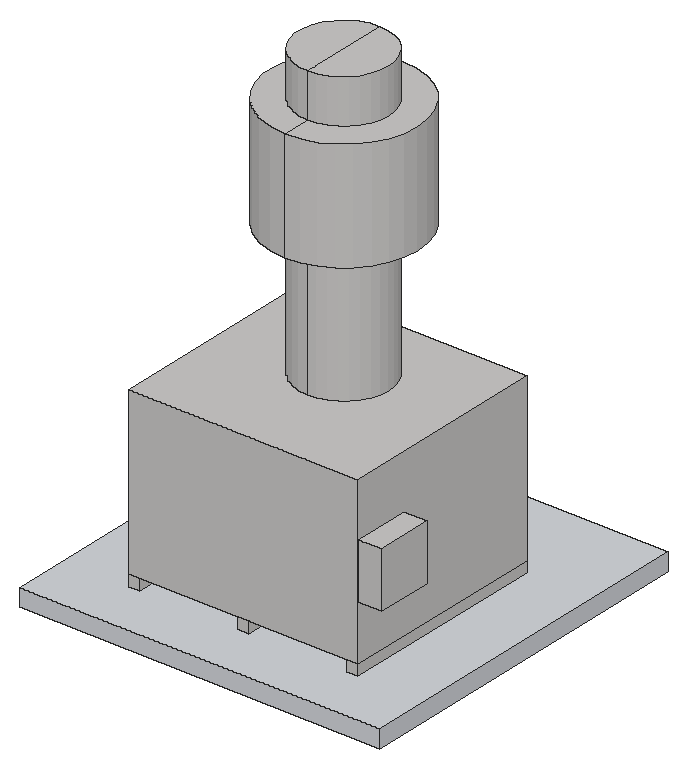
Revit family "DC_Rheem_PLM_Raypak_B2004HWT", category Plumbing Fixtures, host Face, Revit 2020
Family settings
  Host = Face
  Round Connector Dimension = Use Radius
  Part Type = Normal
  Cut with Voids When Loaded = No
  Shared = No
  Room Calculation Point = No
Parameters (values of type "Raypak - Gas Water Heater- Outdoor - 2004 MJ/h  Natural gas, modulating gas control")
  Width_ANZRS = 1430 mm
  URL = "http://www.rheem.com.au/CommercialProducts"
  Type Comments = "Recovery 7654L/h @ 50°C rise\r\n"
  TopSmallDia_ANZRS = 610 mm  # constant formula
  TopH2_ANZRS = 750 mm
  TopH1_ANZRS = 300 mm
  TopBigDia_ANZRS = 1000 mm
  PRVDiameter_ANZRS = PRVRadius_ANZRS * 2  # 20 mm
  Materials_ANZRS = Raypak - Grey Powder Coated Steel
  PRVRadius_ANZRS = 10 mm
  PRVDist_ANZRS = 400 mm
  Model = "B2004NCM/HWT\r\n"
  Manufacturer = "Raypak\r\n"
  Length_ANZRS = 1550 mm
  HotWaterPipeDist_ANZRS = 235 mm
  HotWaterPipeRadius_ANZRS = 40 mm
  HotWaterPipeDiameter_ANZRS = HotWaterPipeRadius_ANZRS * 2  # 80 mm
  Height_ANZRS = 3165 mm
  GasPipeRadius_ANZRS = 25 mm
  GasPipeHeight_ANZRS = 600 mm
  GasPipeDist_ANZRS = 210 mm
  GasPipeDiameter_ANZRS = GasPipeRadius_ANZRS * 2  # 50 mm
  EleBoxWidth_ANZRS = 160 mm
  EleBoxHeightfromBase_ANZRS = 450 mm
  EleBoxHeight_ANZRS = 380 mm
  DesignBy_ANZRS = "Design Content ©"
  Description = "Raypak - Gas Water Heater- Outdoor - 2004 MJ/h  Natural gas, modulating gas control\r\n"
  Default Elevation = 0 mm
  ConnHeight_ANZRS = 910 mm
  ColdWaterPipeRadius_ANZRS = 40 mm
  ColdWaterPipeDisi_ANZRS = 567 mm
  ColdWaterPipeDiameter_ANZRS = ColdWaterPipeRadius_ANZRS * 2  # 80 mm
  BoxHeight_ANZRS = 1195 mm
  BaseWidth_ANZRS = 75 mm
  BaseHeight_ANZRS = 75 mm
  BaseDist_ANZRS = 0 mm
  Author_ANZRS = "DM"
  Assembly Code = ""
Types (5, lengths in mm): name | URL | Type Comments | Model | HotWaterPipeRadius_ANZRS | HotWaterPipeDiameter_ANZRS | GasPipeRadius_ANZRS | GasPipeDiameter_ANZRS | Description
  (no name) | "http://www.rheem.com.au/downloads/PDF/Raypak_Mechanical_Heating_Brochure_July_09.pdf\r\n" | "Recovery 8190L/h @ 50°C rise\r\n" | "B2004PCO/HWT\r\n\r\n" | 40 | 80 | 20 | 40 | "Raypak - Gas Water Heater- Outdoor - 2150 MJ/h  Propane gas, On/Off gas control\r\n"
  Raypak - Gas Water Heater- Outdoor - 2004 MJ/h  Natural gas, modulating gas control | "http://www.rheem.com.au/CommercialProducts" | "Recovery 7654L/h @ 50°C rise\r\n" | "B2004NCM/HWT\r\n" | 40 | 80 | 25 | 50 | "Raypak - Gas Water Heater- Outdoor - 2004 MJ/h  Natural gas, modulating gas control\r\n"
  Raypak - Gas Water Heater- Outdoor - 2004 MJ/h  Natural gas, On/Off gas control | "http://www.rheem.com.au/CommercialProducts" | "Recovery 7654L/h @ 50°C rise\r\n" | "B2004NCO/HWT\r\n\r\n\r\n" | 40 | 80 | 25 | 50 | "Raypak - Gas Water Heater- Outdoor - 2004 MJ/h  Natural gas, On/Off gas control"
  Raypak - Gas Water Heater- Outdoor - 2150 MJ/h  Propane gas, modulating gas control | "http://www.rheem.com.au/CommercialProducts" | "Recovery 8190L/h @ 50°C rise\r\n" | "B2004PCM/HWT\r\n" | 45 | 90 | 20 | 40 | "Raypak - Gas Water Heater- Outdoor - 2150 MJ/h  Propane gas, modulating gas control"
  Raypak - Gas Water Heater- Outdoor - 2150 MJ/h  Propane gas, On/Off gas control | "http://www.rheem.com.au/CommercialProducts" | "Recovery 8190L/h @ 50°C rise\r\n" | "B2004PCO/HWT\r\n\r\n" | 40 | 80 | 20 | 40 | "Raypak - Gas Water Heater- Outdoor - 2150 MJ/h  Propane gas, On/Off gas control\r\n"
Reference planes
  plane 1 "Center (Front/Back)": y = 0
  plane 2: z = 0
  plane 3 "Center (Left/Right)": x = 0
  plane 4: z = 75
  plane 5: x = -775
  plane 6: x = 775
  plane 7: x = 935
  plane 8: z = 450
  plane 9: z = 1195
  plane 10: x = -775
  plane 11: x = 775
  plane 12: x = -700
  plane 13: x = 700
  plane 14: y = 580
  plane 15: y = -850
  plane 16: z = 3165
  plane 17: z = 2865
  plane 18: z = 2115
  plane 19: y = 305
  plane 20: y = -305
  plane 21: y = 500
  plane 22: y = -500
  plane 23: z = 910
  plane 24: y = 180
  plane 25: y = 345
  plane 26: y = -222
  plane 27: y = -640
  plane 28: z = 600
  plane 29: z = 830
  plane 30: x = -305
  plane 31: x = 305
  plane 32: x = -500
  plane 33: x = 500
  plane 34: x = -765
  plane 35: x = -945
  plane 36: x = -845
  plane 37: x = -37.5
  plane 38: x = 37.5
  plane 39: y = -465
Forms (mm)
  Extrusion 1, solid
    sketch origin (0, 0, 0) x (1, 0, 0) y (0, 1, 0)
      loop
        line (-1219.2, 1219.2) -> (-1219.2, -1219.2) -> (1219.2, -1219.2) -> (1219.2, 1219.2) -> (-1219.2, 1219.2)
    from 0 to -120
  Extrusion 2, solid, material "Raypak - Grey Powder Coated Steel" <- "Materials_ANZRS"
    sketch origin (0, 0, 0) x (1, 0, 0) y (0, 0, 1)
      loop
        line (-775, 75) -> (-775, 0) -> (-700, 0) -> (-700, 75) -> (-775, 75)
      loop
        line (700, 75) -> (700, 0) -> (775, 0) -> (775, 75) -> (700, 75)
      loop
        line (-37.5, 75) -> (-37.5, 0) -> (37.5, 0) -> (37.5, 75) -> (-37.5, 75)
    from -580 to 850
  Extrusion 3, solid, material "Raypak - Grey Powder Coated Steel" <- "Materials_ANZRS"
    sketch origin (0, 0, 0) x (1, 0, 0) y (0, 1, 0)
      loop
        line (-775, 580) -> (-775, -850) -> (775, -850) -> (775, 580) -> (-775, 580)
    from 75 to 1195
  Revolve 4, solid, material "Raypak - Grey Powder Coated Steel" <- "Materials_ANZRS"
    sketch origin (0, 0, 0) x (0, 1, 0) y (0, 0, 1)
      loop
        line (0, 3165) -> (-305, 3165) -> (-305, 2865) -> (-500, 2865) -> (-500, 2115) -> (-305, 2115) -> (-305, 1195) -> (0, 1195) -> (0, 3165)
      axis (0, 3165) -> (0, 1195)
    angle from 0 to 360
  Extrusion 5, solid, material "Raypak - Grey Powder Coated Steel" <- "Materials_ANZRS"
    sketch origin (0, 0, 0) x (1, 0, 0) y (0, 0, 1)
      loop
        line (775, 830) -> (775, 450) -> (935, 450) -> (935, 830) -> (775, 830)
    from 465 to 850
  Extrusion 6, solid, material "Raypak - Grey Powder Coated Steel" <- "Materials_ANZRS"
    sketch origin (0, 0, 0) x (0, 1, 0) y (0, 0, 1)
      loop
        circle (345, 910) r 40
      loop
        circle (-222, 910) r 40
    from -945 to -775
  Extrusion 7, solid, material "Raypak - Grey Powder Coated Steel" <- "Materials_ANZRS"
    sketch origin (0, 0, 0) x (0, 1, 0) y (0, 0, 1)
      loop
        circle (-640, 600) r 25
    from -845 to -775
  Extrusion 8, void
    sketch origin (0, 0, 0) x (0, 1, 0) y (0, 0, 1)
      loop
        circle (180, 910) r 10
    from -775 to -765
Cuts and joins
  Extrusion 8 cuts Extrusion 3
  joined: Extrusion 3, Extrusion 7
Lines and regions (mm)
  Masking region 1
    outline origin (0, 0, 0) x (1, 0, 0) y (0, 0, 1)
      loop
        line (305, 3165) -> (-305, 3165) -> (-305, 2865) -> (-500, 2865) -> (-500, 2115) -> (-305, 2115) -> (-305, 1195) -> (-775, 1195) -> (-775, 930) -> (-945, 930) -> (-945, 890) -> (-775, 890) -> (-775, 615) -> (-845, 615) -> (-845, 585) -> (-775, 585) -> (-775, 75) -> (-775, 0) -> (-700, 0) -> (-700, 75) -> (-37.5, 75) -> (-37.5, 0) -> (37.5, 0) -> (37.5, 75) -> (700, 75) -> (700, 0) -> (775, 0) -> (775, 75) -> (775, 450) -> (935, 450) -> (935, 830) -> (775, 830) -> (775, 1195) -> (305, 1195) -> (305, 2115) -> (500, 2115) -> (500, 2865) -> (305, 2865) -> (305, 3165)
  Masking region 2
    outline origin (0, 0, 0) x (0, 1, 0) y (0, 0, 1)
      loop
        line (305, 3165) -> (-305, 3165) -> (-305, 2865) -> (-500, 2865) -> (-500, 2115) -> (-305, 2115) -> (-305, 1195) -> (-850, 1195) -> (-850, 0) -> (580, 0) -> (580, 1195) -> (305, 1195) -> (305, 2115) -> (500, 2115) -> (500, 2865) -> (305, 2865) -> (305, 3165)
  Masking region 3
    outline origin (0, 0, 0) x (1, 0, 0) y (0, 1, 0)
      loop
        line (-775, 580) -> (-775, 385) -> (-945, 385) -> (-945, 305) -> (-775, 305) -> (-775, -182) -> (-945, -182) -> (-945, -262) -> (-775, -262) -> (-775, -615) -> (-845, -615) -> (-845, -665) -> (-775, -665) -> (-775, -850) -> (935, -850) -> (935, -465) -> (775, -465) -> (775, 580) -> (-775, 580)
  symbolic lines, style "Rheem Raypak", detail levels fine
    curve 1: line (-500, 0, 2865) -> (-500, 0, 2115)
    curve 2: line (-500, 0, 2115) -> (500, 0, 2115)
    curve 3: line (-305, 0, 2115) -> (-305, 0, 1195)
    curve 4: line (-305, 0, 3165) -> (-305, 0, 2865)
    curve 5: line (305, 0, 3165) -> (-305, 0, 3165)
    curve 6: line (305, 0, 2865) -> (305, 0, 3165)
    curve 7: line (500, 0, 2865) -> (-500, 0, 2865)
    curve 8: line (500, 0, 2115) -> (500, 0, 2865)
    curve 9: line (305, 0, 1195) -> (305, 0, 2115)
    curve 10: line (775, 0, 1195) -> (-775, 0, 1195)
    curve 11: line (775, 0, 75) -> (775, 0, 1195)
    curve 12: line (-775, 0, 1195) -> (-775, 0, 75)
    curve 13: line (-775, 0, 75) -> (775, 0, 75)
    curve 14: line (-700, 0, 0) -> (-700, 0, 75)
    curve 15: line (-775, 0, 0) -> (-700, 0, 0)
    curve 16: line (-775, 0, 75) -> (-775, 0, 0)
    curve 17: line (775, 0, 0) -> (775, 0, 75)
    curve 18: line (700, 0, 75) -> (700, 0, 0)
    curve 19: line (700, 0, 0) -> (775, 0, 0)
    curve 20: line (775, 0, 450) -> (935, 0, 450)
    curve 21: line (935, 0, 450) -> (935, 0, 830)
    curve 22: line (935, 0, 830) -> (775, 0, 830)
    curve 23: line (-845, 0, 585) -> (-775, 0, 585)
    curve 24: line (-845, 0, 615) -> (-845, 0, 585)
    curve 25: line (-775, 0, 615) -> (-845, 0, 615)
    curve 26: line (0, -500, 2865) -> (0, 500, 2865)
    curve 27: line (0, -500, 2115) -> (0, 500, 2115)
    curve 28: line (0, 500, 2115) -> (0, 500, 2865)
    curve 29: line (0, -500, 2865) -> (0, -500, 2115)
    curve 30: line (0, -305, 3165) -> (0, -305, 2865)
    curve 31: line (0, 305, 2865) -> (0, 305, 3165)
    curve 32: line (0, -305, 3165) -> (0, 305, 3165)
    curve 33: line (0, -305, 2115) -> (0, -305, 1195)
    curve 34: line (0, 305, 1195) -> (0, 305, 2115)
    curve 35: line (0, 580, 1195) -> (0, -850, 1195)
    curve 36: line (0, -850, 1195) -> (0, -850, 75)
    curve 37: line (0, 580, 75) -> (0, 580, 1195)
    curve 38: line (0, -850, 75) -> (0, 580, 75)
    curve 39: line (0, 580, 0) -> (0, 580, 75)
    curve 40: line (0, -850, 75) -> (0, -850, 0)
    curve 41: line (0, -850, 0) -> (0, 580, 0)
    curve 42: arc (0, -242, 910) -> (0, -222, 890) -> (0, -202, 910) r 20
    curve 43: arc (0, -202, 910) -> (0, -222, 930) -> (0, -242, 910) r 20
    curve 44: arc (0, -625, 600) -> (0, -640, 585) -> (0, -655, 600) r 15
    curve 45: arc (0, -655, 600) -> (0, -640, 615) -> (0, -625, 600) r 15
    curve 46: arc (0, 325, 910) -> (0, 345, 890) -> (0, 365, 910) r 20
    curve 47: arc (0, 365, 910) -> (0, 345, 930) -> (0, 325, 910) r 20
    curve 48: arc (0, 165, 910) -> (0, 180, 895) -> (0, 195, 910) r 15
    curve 49: arc (0, 195, 910) -> (0, 180, 925) -> (0, 165, 910) r 15
    curve 50: arc (0, -500, 0) -> (-500, 0, 0) -> (0, 500, 0) r 500
    curve 51: arc (0, 500, 0) -> (500, 0, 0) -> (0, -500, 0) r 500
    curve 52: arc (0, 305, 0) -> (305, 0, 0) -> (0, -305, 0) r 305
    curve 53: arc (0, -305, 0) -> (-305, 0, 0) -> (0, 305, 0) r 305
    curve 54: line (775, -850, 0) -> (775, 580, 0)
    curve 55: line (-775, -850, 0) -> (775, -850, 0)
    curve 56: line (-775, 580, 0) -> (-775, -850, 0)
    curve 57: line (935, -850, 0) -> (935, 580, 0)
    curve 58: line (775, -850, 0) -> (935, -850, 0)
    curve 59: line (-845, -625, 0) -> (-845, -655, 0)
    curve 60: line (-845, -625, 0) -> (-775, -625, 0)
    curve 61: line (-845, -655, 0) -> (-775, -655, 0)
    curve 62: line (37.5, 0, 0) -> (37.5, 0, 75)
    curve 63: line (-775, 0, 75) -> (775, 0, 75)
    curve 64: line (-37.5, 0, 75) -> (-37.5, 0, 0)
    curve 65: line (-37.5, 0, 0) -> (37.5, 0, 0)
    curve 66: line (935, 580, 0) -> (-775, 580, 0)
Dimensions and locks
  "BaseHeight_ANZRS": plane 4 to level
  equal spacing: plane 6, plane 3 "Center (Left/Right)", plane 5
  "Length_ANZRS": plane 5 to plane 6
  "EleBoxWidth_ANZRS": plane 6 to plane 7
  "EleBoxHeightfromBase_ANZRS": plane 8 to Extrusion 1
  "EleBoxHeight_ANZRS": plane 29 to plane 8
  "BaseDist_ANZRS": plane 10 to plane 5
  "BaseDist_ANZRS": plane 11 to plane 6
  "BaseWidth_ANZRS": plane 10 to plane 12
  "BaseWidth_ANZRS": plane 11 to plane 13
  plane 1 "Center (Front/Back)" to plane 15 = 850 mm
  "Width_ANZRS": plane 14 to plane 15
  "Height_ANZRS": plane 16 to Extrusion 1
  "TopSmallDia_ANZRS": plane 19 to plane 20
  equal spacing: plane 19, plane 1 "Center (Front/Back)", plane 20
  equal spacing: plane 21, plane 1 "Center (Front/Back)", plane 22
  "TopBigDia_ANZRS": plane 21 to plane 22
  "ConnHeight_ANZRS": plane 23 to Extrusion 1
  "BoxHeight_ANZRS": plane 9 to Extrusion 1
  "PRVDist_ANZRS": plane 14 to plane 24
  "HotWaterPipeDist_ANZRS": plane 14 to plane 25
  "ColdWaterPipeDisi_ANZRS": plane 25 to plane 26
  "GasPipeDist_ANZRS": plane 27 to plane 15
  "GasPipeHeight_ANZRS": plane 28 to Extrusion 1
  "TopH1_ANZRS": plane 16 to plane 17
  "TopH2_ANZRS": plane 17 to plane 18
  equal spacing: plane 32, plane 3 "Center (Left/Right)", plane 33
  "TopSmallDia_ANZRS": plane 30 to plane 31
  equal spacing: plane 30, plane 3 "Center (Left/Right)", plane 31
  "TopBigDia_ANZRS": plane 32 to plane 33
  locked: plane 5 to plane 34 at 10
  plane 35 to plane 5 = 170 mm
  plane 35 to cut or joined group of Extrusion 3, Extrusion 7, Extrusion 8 = 170 mm
  plane 36 to cut or joined group of Extrusion 3, Extrusion 7, Extrusion 8 = 70 mm
  equal spacing: plane 37, plane 3 "Center (Left/Right)", plane 38
  "BaseWidth_ANZRS": plane 37 to plane 38
  locked: plane 36 to plane 34 at 80
  plane 35 to plane 34 = 180 mm
  "HotWaterPipeDiameter_ANZRS": Masking region 3 sketch curve to Masking region 3 sketch curve
  equal spacing: Masking region 3 sketch curve, plane 25, Masking region 3 sketch curve
  equal spacing: Masking region 3 sketch curve, plane 26, Masking region 3 sketch curve
  "ColdWaterPipeDiameter_ANZRS": Masking region 3 sketch curve to Masking region 3 sketch curve
  equal spacing: Masking region 3 sketch curve, plane 27, Masking region 3 sketch curve
  "GasPipeDiameter_ANZRS": Masking region 3 sketch curve to Masking region 3 sketch curve
  "ColdWaterPipeRadius_ANZRS": radius of Extrusion 6 sketch curve
  "HotWaterPipeRadius_ANZRS": radius of Extrusion 6 sketch curve
  "GasPipeRadius_ANZRS": radius of Extrusion 7 sketch curve
  "PRVRadius_ANZRS": radius of Extrusion 8 sketch curve
  aligned and locked: plane 2 to Extrusion 1
  aligned and locked: level to Extrusion 1
  aligned and locked: Extrusion 2 sketch curve to plane 4  (x2)
  aligned and locked: Extrusion 2 sketch curve to plane 10
  aligned and locked: level to Extrusion 2 sketch curve  (x2)
  aligned and locked: plane 12 to Extrusion 2 sketch curve
  aligned and locked: plane 13 to Extrusion 2 sketch curve
  aligned and locked: plane 11 to Extrusion 2 sketch curve
  aligned and locked: plane 14 to Extrusion 3 sketch curve
  aligned and locked: plane 15 to Extrusion 3 sketch curve
  aligned and locked: plane 6 to Extrusion 3 sketch curve
  aligned and locked: plane 9 to Extrusion 3
  aligned and locked: Extrusion 3 to plane 4
  aligned and locked: Extrusion 2 to plane 15
  aligned and locked: Extrusion 2 to plane 14
  aligned and locked: plane 16 to Revolve 4 sketch curve
  aligned and locked: Revolve 4 sketch curve to plane 20
  aligned and locked: Revolve 4 sketch curve to plane 22
  aligned and locked: plane 9 to Revolve 4 sketch curve
  aligned and locked: Revolve 4 sketch curve to plane 1 "Center (Front/Back)"
  aligned and locked: Extrusion 5 sketch curve to plane 29
  aligned and locked: Extrusion 5 sketch curve to plane 6
  aligned and locked: plane 8 to Extrusion 5 sketch curve
  aligned and locked: plane 7 to Extrusion 5 sketch curve
  aligned: Extrusion 2 to Extrusion 5
  aligned and locked: Extrusion 5 to Extrusion 2
  aligned and locked: plane 25 to Extrusion 6 sketch curve
  aligned and locked: plane 23 to Extrusion 6 sketch curve  (x2)
  aligned and locked: plane 26 to Extrusion 6 sketch curve
  aligned and locked: Extrusion 3 to plane 5
  aligned: Extrusion 6 to plane 5
  aligned: Extrusion 6 to plane 34
  aligned and locked: plane 28 to Extrusion 7 sketch curve
  aligned and locked: plane 27 to Extrusion 7 sketch curve
  aligned: plane 35 to Extrusion 7
  aligned: Extrusion 7 to plane 34
  aligned: plane 5 to Extrusion 7
  aligned and locked: Masking region 1 sketch curve to plane 31
  aligned and locked: Masking region 1 sketch curve to plane 30
  aligned and locked: Masking region 1 sketch curve to plane 16
  aligned and locked: Masking region 1 sketch curve to plane 17
  aligned and locked: Masking region 1 sketch curve to plane 18
  aligned and locked: plane 33 to Masking region 1 sketch curve
  aligned and locked: Masking region 1 sketch curve to plane 32
  aligned and locked: Masking region 1 sketch curve to plane 9
  aligned and locked: Masking region 1 sketch curve to plane 6
  aligned and locked: Masking region 1 sketch curve to plane 29
  aligned and locked: Masking region 1 sketch curve to plane 8
  aligned and locked: plane 7 to Masking region 1 sketch curve
  aligned and locked: Masking region 1 sketch curve to plane 5
  aligned and locked: Extrusion 1 to Masking region 1 sketch curve  (x2)
  aligned and locked: plane 16 to Masking region 2 sketch curve
  aligned and locked: Masking region 2 sketch curve to plane 17
  aligned and locked: Masking region 2 sketch curve to plane 22
  aligned and locked: plane 21 to Masking region 2 sketch curve
  aligned and locked: plane 19 to Masking region 2 sketch curve
  aligned and locked: Masking region 2 sketch curve to plane 20
  aligned and locked: plane 9 to Masking region 2 sketch curve
  aligned and locked: Masking region 2 sketch curve to plane 15
  aligned and locked: plane 14 to Masking region 2 sketch curve
  aligned and locked: Extrusion 1 to Masking region 2 sketch curve
  aligned and locked: Masking region 2 sketch curve to plane 18
  aligned and locked: Masking region 1 sketch curve to plane 12
  aligned and locked: Masking region 1 sketch curve to plane 10
  aligned and locked: Masking region 1 sketch curve to plane 11
  aligned and locked: plane 13 to Masking region 1 sketch curve
  aligned and locked: Masking region 1 sketch curve to plane 4
  aligned and locked: curve 1 to Masking region 1
  aligned and locked: curve 2 to Masking region 1
  aligned and locked: curve 3 to Masking region 1
  aligned and locked: curve 4 to Masking region 1
  aligned and locked: curve 5 to Masking region 1
  aligned and locked: curve 6 to Masking region 1
  aligned and locked: curve 7 to Masking region 1
  aligned and locked: curve 8 to Masking region 1
  aligned and locked: curve 9 to Masking region 1
  aligned and locked: curve 10 to cut or joined group of Extrusion 3, Extrusion 7, Extrusion 8
  aligned and locked: curve 11 to cut or joined group of Extrusion 3, Extrusion 7, Extrusion 8
  aligned and locked: curve 12 to cut or joined group of Extrusion 3, Extrusion 7, Extrusion 8
  aligned and locked: curve 13 to cut or joined group of Extrusion 3, Extrusion 7, Extrusion 8
  aligned and locked: curve 14 to Extrusion 2
  aligned and locked: curve 15 to Extrusion 2
  aligned and locked: curve 16 to Extrusion 2
  aligned and locked: curve 17 to Extrusion 2
  aligned and locked: curve 18 to Extrusion 2
  aligned and locked: curve 19 to Extrusion 2
  aligned and locked: curve 20 to Extrusion 5
  aligned and locked: curve 21 to Extrusion 5
  aligned and locked: curve 22 to Extrusion 5
  aligned and locked: Masking region 1 to curve 23
  aligned: cut or joined group of Extrusion 3, Extrusion 7, Extrusion 8 to curve 24
  aligned and locked: curve 25 to Masking region 1
  aligned and locked: curve 26 to Revolve 4
  aligned and locked: curve 27 to Revolve 4
  aligned and locked: curve 28 to Masking region 2
  aligned and locked: curve 29 to Masking region 2
  aligned and locked: curve 30 to Masking region 2
  aligned and locked: curve 31 to Masking region 2
  aligned and locked: curve 32 to Revolve 4
  aligned and locked: curve 33 to Masking region 2
  aligned and locked: curve 34 to Masking region 2
  aligned and locked: curve 35 to cut or joined group of Extrusion 3, Extrusion 7, Extrusion 8
  aligned and locked: curve 36 to cut or joined group of Extrusion 3, Extrusion 7, Extrusion 8
  aligned and locked: curve 37 to cut or joined group of Extrusion 3, Extrusion 7, Extrusion 8
  aligned and locked: curve 38 to cut or joined group of Extrusion 3, Extrusion 7, Extrusion 8
  aligned and locked: curve 39 to Extrusion 2
  aligned and locked: curve 40 to Extrusion 2
  aligned and locked: curve 41 to Extrusion 2
  aligned and locked: curve 50 to Revolve 4
  aligned and locked: curve 51 to Revolve 4
  aligned and locked: curve 52 to Revolve 4
  aligned and locked: curve 53 to Revolve 4
  aligned and locked: curve 54 to cut or joined group of Extrusion 3, Extrusion 7, Extrusion 8
  aligned and locked: curve 55 to cut or joined group of Extrusion 3, Extrusion 7, Extrusion 8
  aligned and locked: curve 56 to cut or joined group of Extrusion 3, Extrusion 7, Extrusion 8
  aligned and locked: curve 57 to Extrusion 5
  aligned and locked: curve 58 to Extrusion 5
  aligned: cut or joined group of Extrusion 3, Extrusion 7, Extrusion 8 to curve 59
  aligned and locked: plane 35 to Extrusion 6
  aligned: plane 5 to Extrusion 6
  aligned: plane 36 to Extrusion 7
  aligned and locked: curve 62 to Extrusion 2
  aligned and locked: curve 63 to cut or joined group of Extrusion 3, Extrusion 7, Extrusion 8
  aligned and locked: curve 64 to Extrusion 2
  aligned and locked: curve 65 to Extrusion 2
  aligned and locked: Masking region 3 sketch curve to curve 66
  aligned and locked: Masking region 3 sketch curve to Extrusion 2
  aligned and locked: Masking region 3 sketch curve to Extrusion 5  (x2)
  aligned and locked: Extrusion 6 to Masking region 3 sketch curve
  aligned and locked: cut or joined group of Extrusion 3, Extrusion 7, Extrusion 8 to Masking region 3 sketch curve
  aligned and locked: plane 36 to curve 24
  aligned and locked: plane 24 to Extrusion 8 sketch curve
  aligned and locked: plane 23 to Extrusion 8 sketch curve
  aligned and locked: Extrusion 8 to plane 5
  aligned: Extrusion 6 to Extrusion 8
  aligned and locked: Extrusion 7 to curve 60
  aligned and locked: cut or joined group of Extrusion 3, Extrusion 7, Extrusion 8 to plane 10
  aligned and locked: Extrusion 8 to plane 34
  aligned and locked: Extrusion 6 to plane 10
  aligned and locked: plane 36 to Masking region 1 sketch curve
  aligned and locked: plane 35 to Masking region 1 sketch curve
  aligned and locked: Extrusion 7 to Masking region 1
  aligned and locked: Masking region 3 sketch curve to plane 11
  aligned and locked: plane 39 to Masking region 3 sketch curve
  aligned and locked: Extrusion 5 to Masking region 3
Automatic sketch dimensions
  Extrusion 1 sketch curve to Extrusion 1 sketch curve = 2438.4 mm  (x2)
  Revolve 4 sketch curve to plane 1 "Center (Front/Back)" = 0 mm
  Revolve 4 sketch curve to plane 16 = 51.193 mm
  Revolve 4 sketch curve to level = 2207.352 mm
  Revolve 4 sketch curve to plane 18 = 0 mm
  Revolve 4 sketch curve to plane 20 = 0 mm
  Revolve 4 sketch curve to plane 17 = 0 mm
  Extrusion 3 sketch curve to plane 5 = 0 mm
  Masking region 2 sketch curve to plane 19 = 0 mm
  Masking region 2 sketch curve to plane 17 = 0 mm
  Masking region 2 sketch curve to plane 20 = 0 mm
  Masking region 2 sketch curve to plane 18 = 0 mm
  Masking region 2 sketch curve to plane 9 = 0 mm
  curve 3 to plane 9 = 0 mm
  curve 4 to plane 16 = 0 mm
  curve 5 to plane 31 = 0 mm
  curve 7 to plane 33 = 0 mm
  curve 8 to plane 18 = 0 mm
  curve 10 to plane 5 = 0 mm
  plane 6 to curve 10 = 0 mm
  curve 11 to plane 4 = 0 mm
  curve 14 to level = 0 mm
  plane 12 to curve 14 = 0 mm
  plane 10 to curve 15 = 0 mm
  curve 17 to level = 0 mm
  plane 11 to curve 17 = 0 mm
  curve 18 to plane 13 = 0 mm
  plane 7 to curve 20 = 0 mm
  curve 20 to plane 8 = 0 mm
  curve 21 to plane 29 = 0 mm
  curve 23 to plane 28 = 15 mm
  plane 28 to curve 24 = 15 mm
  curve 9 to plane 31 = 0 mm
  plane 30 to curve 3 = 0 mm
  plane 32 to curve 1 = 0 mm
  plane 30 to curve 4 = 0 mm
  curve 1 to plane 17 = 0 mm
  curve 27 to plane 18 = 0 mm
  curve 27 to plane 22 = 0 mm
  curve 26 to plane 17 = 0 mm
  curve 27 to plane 21 = 0 mm
  curve 30 to plane 20 = 0 mm
  curve 31 to plane 19 = 0 mm
  curve 31 to plane 16 = 0 mm
  curve 33 to plane 20 = 0 mm
  curve 33 to plane 9 = 0 mm
  curve 34 to plane 19 = 0 mm
  curve 35 to plane 15 = 0 mm
  curve 35 to plane 14 = 0 mm
  curve 37 to plane 4 = 0 mm
  curve 40 to level = 0 mm
  curve 42 to plane 23 = 0 mm
  curve 43 to plane 26 = 0 mm
  plane 26 to curve 42 = 20 mm
  curve 45 to plane 28 = 0 mm
  curve 44 to plane 27 = 0 mm
  curve 45 to curve 44 = 15 mm
  curve 46 to plane 23 = 0 mm
  curve 47 to plane 25 = 0 mm
  curve 46 to curve 46 = 20 mm
  curve 48 to curve 49 = 0 mm  (x2)
  curve 48 to plane 23 = 0 mm
  curve 49 to plane 24 = 0 mm
  plane 24 to curve 48 = 15 mm
  Extrusion 2 sketch curve to plane 4 = 0 mm
  plane 37 to Extrusion 2 sketch curve = 0 mm
  Extrusion 2 sketch curve to level = 0 mm
  Extrusion 2 sketch curve to plane 38 = 0 mm
  curve 62 to plane 38 = 0 mm
  curve 62 to level = 0 mm
  plane 37 to curve 64 = 0 mm
  Masking region 1 sketch curve to plane 5 = 0 mm  (x2)
  Masking region 1 sketch curve to plane 30 = 0 mm
  plane 37 to Masking region 1 sketch curve = 0 mm
  Masking region 1 sketch curve to plane 4 = 0 mm  (x5)
  Masking region 1 sketch curve to plane 38 = 0 mm
  Masking region 1 sketch curve to plane 18 = 0 mm
  Masking region 1 sketch curve to plane 31 = 0 mm
  plane 6 to Masking region 1 sketch curve = 0 mm
  Masking region 1 sketch curve to level = 0 mm
  plane 23 to Masking region 1 sketch curve = 20 mm
  Masking region 1 sketch curve to plane 9 = 0 mm
  Masking region 1 sketch curve to plane 17 = 0 mm
  Masking region 1 sketch curve to plane 28 = 15 mm
  plane 28 to Masking region 1 sketch curve = 15 mm
  Masking region 1 sketch curve to plane 23 = 20 mm
  plane 36 to curve 24 = 0 mm
  curve 60 to plane 5 = 0 mm
  plane 14 to curve 66 = 0 mm
  curve 54 to plane 6 = 0 mm
  curve 57 to plane 7 = 0 mm
  curve 55 to plane 15 = 0 mm
  plane 27 to curve 61 = 15 mm
  curve 60 to plane 27 = 15 mm
  Masking region 3 sketch curve to plane 35 = 0 mm
  Masking region 3 sketch curve to plane 5 = 0 mm  (x3)
Connectors
  piping at (-845, -640, 600), diameter 50, driven by "GasPipeRadius_ANZRS"
    settings: on cut or joined group of Extrusion 3, Extrusion 7, Extrusion 8, index 4, connector inside diameter 1.5748", connector length 0 mm, flow factor 0, pipe flow 0 GPM, pressure drop 0.00 psi, fitting loss kfactor 0, connector angle 0.00°, fixture units 0, engagement length 0 mm, angle of deflection 0.00°, flow configuration 0, flow direction 1, fitting loss method 0, system type 22, joint type 0, gender type 0, connector reference index -1, connector utility 0, adjustable connector no, is connector primary yes, connector description "Gas"
  piping at (-945, 345, 910), diameter 80, driven by "HotWaterPipeRadius_ANZRS"
    settings: on Extrusion 6, index 5, connector inside diameter 3.14961", connector length 0 mm, flow factor 0, pipe flow 0 GPM, pressure drop 0.00 psi, fitting loss kfactor 0, connector angle 0.00°, fixture units 0, engagement length 0 mm, angle of deflection 0.00°, flow configuration 0, flow direction 0, fitting loss method 0, system type 19, joint type 0, gender type 0, connector reference index -1, connector utility 0, adjustable connector no, is connector primary no, connector description ""
  piping at (-945, 345, 910), diameter 80, driven by "HotWaterPipeRadius_ANZRS"
    settings: on Extrusion 6, index 6, connector inside diameter 3.14961", connector length 0 mm, flow factor 0, pipe flow 0 GPM, pressure drop 0.00 psi, fitting loss kfactor 0, connector angle 0.00°, fixture units 0, engagement length 0 mm, angle of deflection 0.00°, flow configuration 1, flow direction 2, fitting loss method 0, system type 19, joint type 0, gender type 0, connector reference index -1, connector utility 0, adjustable connector no, is connector primary no, connector description ""
  piping at (-945, -222, 910), diameter 80, driven by "ColdWaterPipeRadius_ANZRS"
    settings: on Extrusion 6, index 7, connector inside diameter 3.14961", connector length 0 mm, flow factor 0, pipe flow 0 GPM, pressure drop 0.00 psi, fitting loss kfactor 0, connector angle 0.00°, fixture units 0, engagement length 0 mm, angle of deflection 0.00°, flow configuration 1, flow direction 1, fitting loss method 0, system type 20, joint type 0, gender type 0, connector reference index -1, connector utility 0, adjustable connector no, is connector primary no, connector description ""
  piping at (-775, 180, 910), diameter 20, driven by "PRVRadius_ANZRS"
    settings: on cut or joined group of Extrusion 3, Extrusion 7, Extrusion 8, index 8, connector inside diameter 0.7874", connector length 0 mm, flow factor 0, pipe flow 0 GPM, pressure drop 0.00 psi, fitting loss kfactor 0, connector angle 0.00°, fixture units 0, engagement length 0 mm, angle of deflection 0.00°, flow configuration 1, flow direction 2, fitting loss method 0, system type 22, joint type 0, gender type 0, connector reference index -1, connector utility 0, adjustable connector no, is connector primary no, connector description "PRV"
